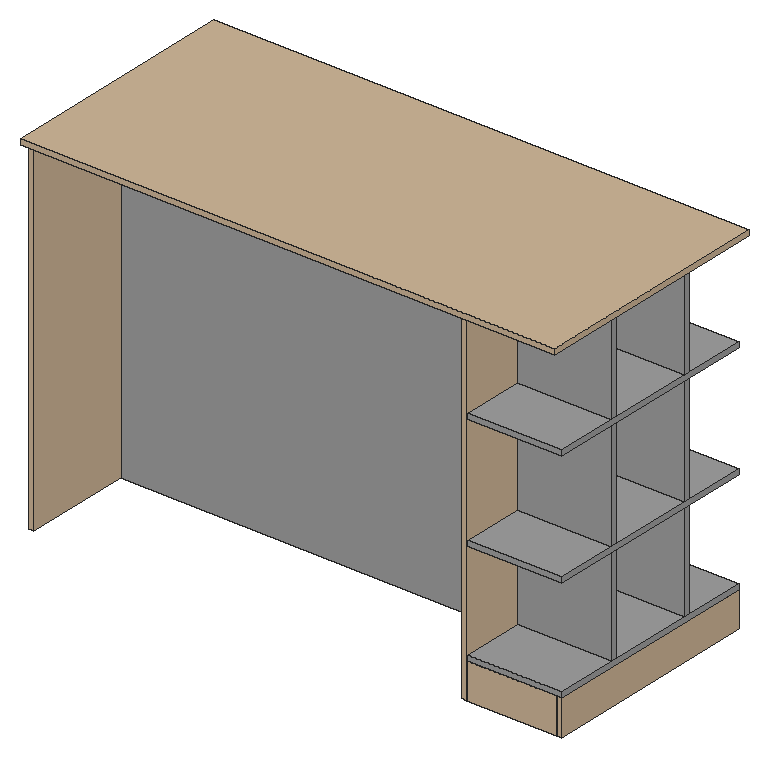
Revit family "155561711_Barra Soho", category Furniture, Revit 2019
Family settings
  OmniClass Number = 23.21.23.39
  OmniClass Title = Residential Kitchen and Dining Room Furniture
  Work Plane-Based = No
  Always vertical = Yes
  Cut with Voids When Loaded = No
  Shared = No
  Room Calculation Point = No
Parameters (values of type "Ref. 155561711 BARRA SOHO")
  URL = "https://corona.co/productos/muebles-para-cocinas/barra-soho/p/155561711"
  Resistencia a la humedad = "Hinchamiento < o =8%."  # constant formula
  Profundidad = 650 mm
  Peso Neto aprox = "67,2 kg."  # constant formula
  Material B = Corona_Madera_Aglomerada_Plomo
  Material A = Corona_Madera_Aglomerada_Miel
  Manufacturer = "Corona"  # constant formula
  Garantía mueble y herrajes = "1 año"  # constant formula
  Dimensiones generales producto (H * W * D) = "1000 x 1500 x 650 mm."  # constant formula
  Description = "La mejor opción para ampliar la cocina e integrarla al\r\nárea socia, práctico mueble que hace juego con la cocina\r\ny alacena SOHO, puede ser utilizada como comedor, además\r\ncuenta con amplios gabinetes y repisas que puedes usar incluso\r\npara elementos de uso cotidiano o decorativos.\r\nEstas dimensiones son nominales y están sujetas a cambios sin previo aviso.\r\nLÍNEA DE ATENCIÓN 01 8000 5120 30\r\nSi usted desea ver nuestra línea completa de productos por favor ingrese a: corona.co\r\nCOMPATIBILIDAD CON ELEMENTOS CORONA\r\nSERVICIO\r\nPOST VENTA\r\nA SUPERIOR\r\nFRONTAL LATERAL\r\n• Fácil de limpiar\r\n• Resistente al rayado y la abrasión\r\n• Espesores de 15mm en estructura y en puertas dándole mayor\r\nfirmeza y robustez."  # constant formula
  Densidad = "15 mms 670 kg./m^3."  # constant formula
  Date Created = "13/07/2020"  # constant formula
  Created by = "IDD"  # constant formula
  Carga Máxima = "62 kg."  # constant formula
  Ancho = 1500 mm
  Alto = 993 mm
Reference planes
  plane 1 "Center (Front/Back)": y = 0
  plane 2: z = 0
  plane 3 "Center (Left/Right)": x = 0
  plane 4: x = -750
  plane 5: x = 750
  plane 6: y = -650
  plane 7: y = -317.5
  plane 8: y = -332.5
  plane 9: z = 100
  plane 10: z = 708
  plane 11: z = 978
  plane 12: z = 723
  plane 13: z = 993
  plane 14: x = -735
  plane 15: y = -15
  plane 16: y = -635
  plane 17: x = 466
  plane 18: x = 481
  plane 19: x = 746.5
  plane 20: y = -189.5
  plane 21: y = -204.5
  plane 22: y = -445.5
  plane 23: y = -460.5
  plane 24: z = 403
  plane 25: z = 388
  plane 26: z = 115
  plane 27: z = 489
  plane 28: x = -331
  plane 29: x = -325
  plane 30: x = 56
  plane 31: z = 593
  plane 32: z = 608
  plane 33: y = -130
  plane 34: x = 731.5
  plane 35 "Center L/S": y = -30
  plane 36: z = 655
  plane 37: y = -45
  plane 38: x = -733
  plane 39: x = 464
  plane 40: x = 60
  plane 41: y = -665
  plane 42 "Center L/T": y = 15
Forms (mm)
  Extrusion 1, solid, material "Corona_Madera_Aglomerada_Miel" <- "Material A", detail levels medium+fine
    sketch origin (0, 0, 0) x (1, 0, 0) y (0, 1, 0)
      loop
        line (-750, 15) -> (-750, -665) -> (750, -665) -> (750, 15) -> (-750, 15)
    from 978 to 993
  Extrusion 2, solid, material "Corona_Madera_Aglomerada_Miel" <- "Material A"
    sketch origin (0, 0, 0) x (1, 0, 0) y (0, 0, 1)
      loop
        line (-750, 978) -> (-750, 0) -> (-735, 0) -> (-735, 978) -> (-750, 978)
    from 15 to 635
  Extrusion 3, solid, material "Corona_Madera_Aglomerada_Miel" <- "Material A", detail levels medium+fine
    sketch origin (0, 0, 0) x (1, 0, 0) y (0, 0, 1)
      loop
        line (481, 978) -> (466, 978) -> (466, 0) -> (481, 0) -> (481, 978)
    from 15 to 635
  Extrusion 4, solid, material "Corona_Madera_Aglomerada_Plomo" <- "Material B", detail levels medium+fine
    sketch origin (0, 0, 0) x (1, 0, 0) y (0, 0, 1)
      loop
        line (481, 723) -> (481, 708) -> (746.5, 708) -> (746.5, 723) -> (481, 723)
    from 15 to 635
  Extrusion 5, solid, material "Corona_Madera_Aglomerada_Plomo" <- "Material B", detail levels medium+fine
    sketch origin (0, 0, -320) x (1, 0, 0) y (0, 0, 1)
      loop
        line (481, 723) -> (481, 708) -> (746.5, 708) -> (746.5, 723) -> (481, 723)
    from 15 to 635
  Extrusion 6, solid, material "Corona_Madera_Aglomerada_Plomo" <- "Material B", detail levels medium+fine
    sketch origin (0, 0, -608) x (1, 0, 0) y (0, 0, 1)
      loop
        line (481, 723) -> (481, 708) -> (746.5, 708) -> (746.5, 723) -> (481, 723)
    from 15 to 635
  Extrusion 7, solid, material "Corona_Madera_Aglomerada_Plomo" <- "Material B", detail levels medium+fine
    sketch origin (0, 0, 0) x (0, 1, 0) y (0, 0, 1)
      loop
        line (-189.5, 978) -> (-204.5, 978) -> (-204.5, 723) -> (-189.5, 723) -> (-189.5, 978)
    from 481 to 746.5
  Extrusion 8, solid, material "Corona_Madera_Aglomerada_Plomo" <- "Material B", detail levels medium+fine
    sketch origin (0, 0, 0) x (0, 1, 0) y (0, 0, 1)
      loop
        line (-445.5, 978) -> (-460.5, 978) -> (-460.5, 723) -> (-445.5, 723) -> (-445.5, 978)
    from 481 to 746.5
  Extrusion 9, solid, material "Corona_Madera_Aglomerada_Plomo" <- "Material B", detail levels medium+fine
    sketch origin (0, 0, -270) x (0, 1, 0) y (0, 0, 1)
      loop
        line (-189.5, 978) -> (-204.5, 978) -> (-204.5, 673) -> (-189.5, 673) -> (-189.5, 978)
    from 481 to 746.5
  Extrusion 10, solid, material "Corona_Madera_Aglomerada_Plomo" <- "Material B", detail levels medium+fine
    sketch origin (0, 0, -270) x (0, 1, 0) y (0, 0, 1)
      loop
        line (-445.5, 978) -> (-460.5, 978) -> (-460.5, 673) -> (-445.5, 673) -> (-445.5, 978)
    from 481 to 746.5
  Extrusion 11, solid, material "Corona_Madera_Aglomerada_Plomo" <- "Material B", detail levels medium+fine
    sketch origin (0, 0, -590) x (0, 1, 0) y (0, 0, 1)
      loop
        line (-189.5, 978) -> (-204.5, 978) -> (-204.5, 705) -> (-189.5, 705) -> (-189.5, 978)
    from 481 to 746.5
  Extrusion 12, solid, material "Corona_Madera_Aglomerada_Plomo" <- "Material B", detail levels medium+fine
    sketch origin (0, 0, -590) x (0, 1, 0) y (0, 0, 1)
      loop
        line (-445.5, 978) -> (-460.5, 978) -> (-460.5, 705) -> (-445.5, 705) -> (-445.5, 978)
    from 481 to 746.5
  Extrusion 13, solid, material "Corona_Madera_Aglomerada_Miel" <- "Material A", detail levels medium+fine
    sketch origin (0, 0, -623) x (1, 0, 0) y (0, 0, 1)
      loop
        line (-735, 738) -> (-735, 723) -> (466, 723) -> (466, 738) -> (-735, 738)
    from 15 to 317.5
  Extrusion 14, solid, material "Corona_Madera_Aglomerada_Miel" <- "Material A", detail levels medium+fine
    sketch origin (0, 0, -335) x (1, 0, 0) y (0, 0, 1)
      loop
        line (-735, 738) -> (-735, 723) -> (0, 723) -> (0, 738) -> (-735, 738)
    from 30 to 317.5
  Extrusion 15, solid, material "Corona_Madera_Aglomerada_Plomo" <- "Material B", detail levels medium+fine
    sketch origin (0, 0, 0) x (0, 1, 0) y (0, 0, 1)
      loop
        line (-30, 608) -> (-130, 608) -> (-130, 593) -> (-30, 593) -> (-30, 608)
    from -735 to 466
  Extrusion 16, solid, material "Corona_Madera_Aglomerada_Plomo" <- "Material B", detail levels medium+fine
    sketch origin (0, -12.5, 115) x (0, 1, 0) y (0, 0, 1)
      loop
        line (-2.5, 608) -> (-305, 608) -> (-305, 593) -> (-2.5, 593) -> (-2.5, 608)
    from -735 to 466
  Extrusion 17, solid, material "Corona_Madera_Aglomerada_Plomo" <- "Material B", detail levels medium+fine
    sketch origin (0, 0, 0) x (0, 1, 0) y (0, 0, 1)
      loop
        line (-317.5, 978) -> (-332.5, 978) -> (-332.5, 0) -> (-317.5, 0) -> (-317.5, 978)
    from -735 to 466
  Extrusion 18, solid, material "Corona_Madera_Aglomerada_Miel" <- "Material A", detail levels medium+fine
    sketch origin (0, 0, 0) x (1, 0, 0) y (0, 0, 1)
      loop
        line (481, 100) -> (481, 0) -> (731.5, 0) -> (731.5, 100) -> (481, 100)
    from 15 to 30
  Extrusion 19, solid, material "Corona_Madera_Aglomerada_Miel" <- "Material A", detail levels medium+fine
    sketch origin (0, -605, 0) x (1, 0, 0) y (0, 0, 1)
      loop
        line (481, 100) -> (481, 0) -> (731.5, 0) -> (731.5, 100) -> (481, 100)
    from 15 to 30
  Extrusion 20, solid, material "Corona_Madera_Aglomerada_Miel" <- "Material A", detail levels medium+fine
    sketch origin (0, 0, 0) x (0, 1, 0) y (0, 0, 1)
      loop
        line (-15, 100) -> (-635, 100) -> (-635, 0) -> (-15, 0) -> (-15, 100)
    from 731.5 to 746.5
  Extrusion 21, solid, material "Corona_Madera_Aglomerada_Miel" <- "Material A", detail levels medium+fine
    sketch origin (0, 0, 115) x (1, 0, 0) y (0, 0, 1)
      loop
        line (60, 540) -> (60, 0) -> (466, 0) -> (466, 540) -> (60, 540)
    from 15 to 30
  Extrusion 22, solid, material "Corona_Madera_Aglomerada_Miel" <- "Material A", detail levels medium+fine
    sketch origin (-410, 0, 115) x (1, 0, 0) y (0, 0, 1)
      loop
        line (85, 540) -> (85, 0) -> (466, 0) -> (466, 540) -> (85, 540)
    from 15 to 30
  Extrusion 23, solid, material "Corona_Madera_Aglomerada_Miel" <- "Material A", detail levels medium+fine
    sketch origin (-820, 0, 115) x (1, 0, 0) y (0, 0, 1)
      loop
        line (85, 540) -> (85, 0) -> (489, 0) -> (489, 540) -> (85, 540)
    from 15 to 30
  Extrusion 24, solid, material "Corona_Madera_Aglomerada_Plomo" <- "Material B", detail levels medium+fine
    sketch origin (0, -638, 545.3) x (0, 0, -1) y (0, 1, 0)
      loop
        line (-62.7, 608) -> (-162.7, 608) -> (-162.7, 593) -> (-62.7, 593) -> (-62.7, 608)
    from -735 to 466
  Extrusion 25, solid, material "Corona_Madera_Aglomerada_Miel" <- "Material A", detail levels medium+fine
    sketch origin (0, -25, 0) x (1, 0, 0) y (0, 0, 1)
      loop
        line (-735, 100) -> (-735, 0) -> (466, 0) -> (466, 100) -> (-735, 100)
    from 5 to 20
  Extrusion 26, solid, material "Corona_Madera_Aglomerada_Miel" <- "Material A", detail levels medium+fine
    sketch origin (0, 0, 0) x (1, 0, 0) y (0, 0, 1)
      loop
        line (64.778, 100) -> (49.778, 100) -> (49.778, 0) -> (64.778, 0) -> (64.778, 100)
    from 45 to 317.5
  Extrusion 27, solid, material "Corona_Madera_Aglomerada_Miel" <- "Material A", detail levels medium+fine
    sketch origin (-355, 0, 0) x (1, 0, 0) y (0, 0, 1)
      loop
        line (64.778, 100) -> (49.778, 100) -> (49.778, 0) -> (64.778, 0) -> (64.778, 100)
    from 45 to 317.5
  Extrusion 28, solid, material "Corona_Madera_Aglomerada_Miel" <- "Material A", detail levels coarse
    sketch origin (0, 0, 0) x (1, 0, 0) y (0, 1, 0)
      loop
        line (-750, 0) -> (-750, -650) -> (750, -650) -> (750, 0) -> (-750, 0)
    from 0 to 993
Dimensions and locks
  equal spacing: plane 4, plane 3 "Center (Left/Right)", plane 5
  "Ancho": plane 4 to plane 5
  "Profundidad": plane 1 "Center (Front/Back)" to plane 6
  plane 8 to plane 6 = 317.5 mm
  plane 1 "Center (Front/Back)" to plane 7 = 317.5 mm
  plane 9 to plane 2 = 100 mm  (x2)
  plane 10 to plane 9 = 608 mm
  plane 11 to plane 12 = 255 mm  (x2)
  "Alto": plane 13 to plane 2
  plane 5 to plane 4 = 1500 mm
  plane 17 to plane 14 = 1201 mm
  plane 19 to plane 18 = 265.5 mm
  plane 14 to plane 4 = 15 mm
  plane 18 to plane 17 = 15 mm
  plane 42 "Center L/T" to plane 1 "Center (Front/Back)" = 15 mm
  plane 1 "Center (Front/Back)" to plane 6 = 650 mm
  plane 6 to plane 41 = 15 mm
  plane 15 to plane 20 = 174.5 mm
  plane 21 to plane 22 = 241 mm
  plane 23 to plane 16 = 174.5 mm
  plane 10 to plane 24 = 305 mm
  plane 25 to plane 26 = 273 mm
  plane 11 to plane 27 to plane 2 = 489 mm, 489 mm
  plane 28 to Extrusion 2 = 404 mm
  plane 30 to plane 29 = 381 mm
  plane 31 to plane 26 = 478 mm
  plane 10 to plane 32 = 100 mm
  plane 35 "Center L/S" to plane 33 = 100 mm
  plane 10 to Extrusion 16 = 15 mm
  Extrusion 18 to Extrusion 25 = 100 mm
  plane 39 to plane 40 = 404 mm
  aligned and locked: level to plane 2
  aligned and locked: Extrusion 1 sketch curve to plane 5
  aligned and locked: plane 4 to Extrusion 1 sketch curve
  aligned and locked: Extrusion 2 sketch curve to plane 11
  aligned and locked: Extrusion 2 sketch curve to plane 14
  aligned and locked: plane 4 to Extrusion 2 sketch curve
  aligned and locked: Extrusion 2 to plane 16
  aligned and locked: Extrusion 2 to plane 15
  aligned and locked: Extrusion 2 to level
  aligned and locked: Extrusion 3 sketch curve to level
  aligned and locked: Extrusion 3 sketch curve to plane 17
  aligned and locked: plane 18 to Extrusion 3 sketch curve
  aligned and locked: Extrusion 3 to Extrusion 2  (x2)
  aligned and locked: Extrusion 4 sketch curve to plane 12
  aligned and locked: plane 10 to Extrusion 4 sketch curve
  aligned and locked: Extrusion 4 sketch curve to plane 19
  aligned and locked: Extrusion 3 to Extrusion 4 sketch curve
  aligned and locked: Extrusion 2 to Extrusion 4  (x2)
  aligned and locked: Extrusion 5 to plane 25
  aligned and locked: plane 24 to Extrusion 5
  aligned and locked: Extrusion 2 to Extrusion 5  (x2)
  aligned and locked: Extrusion 6 to plane 9
  aligned and locked: plane 26 to Extrusion 6
  aligned and locked: Extrusion 2 to Extrusion 6  (x2)
  aligned and locked: Extrusion 7 sketch curve to Extrusion 2
  aligned and locked: Extrusion 7 sketch curve to plane 21
  aligned and locked: plane 20 to Extrusion 7 sketch curve
  aligned and locked: Extrusion 4 to Extrusion 7 sketch curve
  aligned and locked: Extrusion 8 sketch curve to Extrusion 2
  aligned and locked: Extrusion 8 sketch curve to plane 23
  aligned and locked: plane 22 to Extrusion 8 sketch curve
  aligned and locked: Extrusion 4 to Extrusion 8 sketch curve
  aligned and locked: Extrusion 9 to Extrusion 5
  aligned and locked: Extrusion 10 to Extrusion 5
  aligned and locked: Extrusion 10 to Extrusion 4
  aligned and locked: Extrusion 9 to Extrusion 4
  aligned and locked: Extrusion 10 to plane 22
  aligned and locked: plane 23 to Extrusion 10
  aligned and locked: Extrusion 9 to plane 20
  aligned and locked: plane 21 to Extrusion 9
  aligned and locked: Extrusion 11 to plane 20
  aligned and locked: plane 21 to Extrusion 11
  aligned and locked: Extrusion 11 to Extrusion 6
  aligned and locked: Extrusion 11 to Extrusion 5
  aligned and locked: Extrusion 12 to Extrusion 5
  aligned and locked: Extrusion 12 to plane 22
  aligned and locked: plane 23 to Extrusion 12
  aligned and locked: Extrusion 12 to Extrusion 6
  aligned and locked: plane 19 to Extrusion 8
  aligned and locked: Extrusion 8 to plane 18
  aligned and locked: plane 19 to Extrusion 7
  aligned and locked: Extrusion 7 to plane 18
  aligned and locked: plane 19 to Extrusion 10
  aligned and locked: plane 19 to Extrusion 9
  aligned and locked: Extrusion 10 to plane 18
  aligned and locked: Extrusion 9 to plane 18
  aligned and locked: plane 19 to Extrusion 12
  aligned and locked: plane 19 to Extrusion 11
  aligned and locked: Extrusion 12 to plane 18
  aligned and locked: Extrusion 11 to plane 18
  aligned and locked: Extrusion 2 to Extrusion 13
  aligned and locked: plane 26 to Extrusion 13
  aligned and locked: Extrusion 13 to plane 9
  aligned and locked: Extrusion 13 to plane 14
  aligned and locked: plane 17 to Extrusion 13
  aligned and locked: Extrusion 13 to plane 7
  aligned and locked: Extrusion 14 to plane 7
  aligned and locked: Extrusion 14 to plane 25
  aligned and locked: plane 24 to Extrusion 14
  aligned and locked: Extrusion 14 to plane 14
  aligned and locked: plane 3 "Center (Left/Right)" to Extrusion 14
  aligned and locked: Extrusion 15 sketch curve to plane 32
  aligned and locked: plane 31 to Extrusion 15 sketch curve
  aligned and locked: Extrusion 16 to plane 10
  aligned and locked: plane 12 to Extrusion 16
  aligned and locked: plane 17 to Extrusion 16
  aligned and locked: Extrusion 16 to plane 14
  aligned and locked: Extrusion 17 sketch curve to Extrusion 2
  aligned and locked: plane 8 to Extrusion 17 sketch curve
  aligned and locked: Extrusion 17 sketch curve to plane 7
  aligned and locked: Extrusion 6 to Extrusion 18 sketch curve
  aligned and locked: level to Extrusion 18 sketch curve
  aligned and locked: Extrusion 18 sketch curve to Extrusion 3
  aligned and locked: Extrusion 19 to Extrusion 2
  aligned and locked: Extrusion 13 to Extrusion 20 sketch curve
  aligned and locked: Extrusion 20 sketch curve to Extrusion 2  (x2)
  aligned and locked: plane 15 to Extrusion 20 sketch curve
  aligned and locked: plane 19 to Extrusion 20
  aligned and locked: Extrusion 20 to plane 34
  aligned and locked: Extrusion 19 to Extrusion 20
  aligned and locked: Extrusion 18 to Extrusion 19
  aligned and locked: Extrusion 17 to level
  aligned and locked: plane 35 "Center L/S" to Extrusion 15
  aligned and locked: plane 35 "Center L/S" to Extrusion 14
  aligned and locked: Extrusion 2 to Extrusion 16
  aligned and locked: Extrusion 21 to plane 26
  aligned and locked: plane 17 to Extrusion 21
  aligned and locked: plane 30 to Extrusion 22
  aligned and locked: Extrusion 22 to plane 29
  aligned and locked: plane 14 to Extrusion 2
  aligned and locked: plane 28 to Extrusion 23
  aligned and locked: plane 36 to Extrusion 23
  aligned and locked: Extrusion 22 to Extrusion 23
  aligned and locked: Extrusion 21 to Extrusion 22
  aligned and locked: Extrusion 25 to Extrusion 18
  aligned and locked: plane 37 to Extrusion 25
  aligned and locked: Extrusion 25 to plane 14
  aligned and locked: plane 17 to Extrusion 25
  aligned and locked: Extrusion 21 to plane 40
  aligned and locked: Extrusion 16 to plane 7
  aligned and locked: Extrusion 28 to Extrusion 2
  aligned and locked: Extrusion 1 to plane 42 "Center L/T"
  aligned and locked: Extrusion 1 to plane 41
  aligned and locked: Extrusion 23 to Extrusion 14
  aligned and locked: Extrusion 2 to Extrusion 23
  aligned and locked: Extrusion 22 to Extrusion 14
  aligned and locked: Extrusion 2 to Extrusion 22
  aligned and locked: Extrusion 21 to Extrusion 14
  aligned and locked: Extrusion 2 to Extrusion 21
Automatic sketch dimensions
  Extrusion 2 sketch curve to level = 0 mm
  Extrusion 5 sketch curve to plane 18 = 0 mm
  Extrusion 5 sketch curve to plane 19 = 0 mm
  Extrusion 5 sketch curve to plane 25 = 0 mm
  Extrusion 5 sketch curve to plane 24 = 0 mm
  Extrusion 6 sketch curve to plane 9 = 0 mm
  Extrusion 6 sketch curve to plane 18 = 0 mm
  Extrusion 6 sketch curve to plane 19 = 0 mm
  Extrusion 6 sketch curve to plane 26 = 0 mm
  Extrusion 9 sketch curve to plane 10 = 0 mm
  Extrusion 9 sketch curve to plane 21 = 0 mm
  Extrusion 9 sketch curve to plane 20 = 0 mm
  Extrusion 9 sketch curve to plane 24 = 0 mm
  Extrusion 10 sketch curve to plane 10 = 0 mm
  Extrusion 10 sketch curve to plane 23 = 0 mm
  Extrusion 10 sketch curve to plane 22 = 0 mm
  Extrusion 10 sketch curve to plane 24 = 0 mm
  Extrusion 11 sketch curve to plane 21 = 0 mm
  Extrusion 11 sketch curve to plane 20 = 0 mm
  Extrusion 11 sketch curve to plane 26 = 0 mm
  Extrusion 11 sketch curve to plane 25 = 0 mm
  Extrusion 12 sketch curve to plane 23 = 0 mm
  Extrusion 12 sketch curve to plane 22 = 0 mm
  Extrusion 12 sketch curve to plane 26 = 0 mm
  Extrusion 12 sketch curve to plane 25 = 0 mm
  Extrusion 13 sketch curve to plane 9 = 0 mm
  Extrusion 13 sketch curve to plane 14 = 0 mm
  Extrusion 13 sketch curve to plane 17 = 0 mm
  Extrusion 13 sketch curve to plane 26 = 0 mm
  Extrusion 14 sketch curve to plane 14 = 0 mm
  Extrusion 14 sketch curve to plane 3 "Center (Left/Right)" = 0 mm
  Extrusion 14 sketch curve to plane 25 = 0 mm
  Extrusion 14 sketch curve to plane 24 = 0 mm
  Extrusion 15 sketch curve to plane 33 = 0 mm
  Extrusion 15 sketch curve to plane 35 "Center L/S" = 0 mm
  Extrusion 16 sketch curve to plane 12 = 0 mm
  Extrusion 16 sketch curve to plane 10 = 0 mm
  Extrusion 16 sketch curve to plane 15 = 0 mm
  plane 8 to Extrusion 16 sketch curve = 15 mm
  Extrusion 17 sketch curve to level = 0 mm
  Extrusion 18 sketch curve to plane 34 = 0 mm
  Extrusion 19 sketch curve to level = 0 mm
  Extrusion 19 sketch curve to plane 18 = 0 mm
  Extrusion 19 sketch curve to plane 34 = 0 mm
  Extrusion 19 sketch curve to plane 9 = 0 mm
  Extrusion 21 sketch curve to plane 26 = 0 mm
  Extrusion 21 sketch curve to plane 40 = 0 mm
  Extrusion 21 sketch curve to plane 17 = 0 mm
  Extrusion 21 sketch curve to plane 36 = 0 mm
  Extrusion 22 sketch curve to plane 26 = 0 mm
  Extrusion 22 sketch curve to plane 29 = 0 mm
  Extrusion 22 sketch curve to plane 30 = 0 mm
  Extrusion 22 sketch curve to plane 36 = 0 mm
  Extrusion 23 sketch curve to plane 14 = 0 mm
  Extrusion 23 sketch curve to plane 26 = 0 mm
  Extrusion 23 sketch curve to plane 28 = 0 mm
  Extrusion 23 sketch curve to plane 36 = 0 mm
  Extrusion 24 sketch curve to plane 10 = 0 mm
  Extrusion 24 sketch curve to plane 32 = 0 mm
  plane 37 to Extrusion 24 sketch curve = 0 mm
  Extrusion 24 sketch curve to plane 37 = 15 mm
  Extrusion 25 sketch curve to level = 0 mm
  Extrusion 25 sketch curve to plane 14 = 0 mm
  Extrusion 25 sketch curve to plane 17 = 0 mm
  Extrusion 25 sketch curve to plane 9 = 0 mm
  Extrusion 26 sketch curve to plane 9 = 0 mm
  Extrusion 26 sketch curve to level = 0 mm
  Extrusion 26 sketch curve to plane 30 = 6.222 mm
  plane 40 to Extrusion 26 sketch curve = 4.778 mm
  Extrusion 27 sketch curve to plane 9 = 0 mm
  Extrusion 27 sketch curve to level = 0 mm
  plane 29 to Extrusion 27 sketch curve = 19.778 mm
  Extrusion 27 sketch curve to Extrusion 27 sketch curve = 15 mm
  Extrusion 28 sketch curve to plane 4 = 0 mm
  Extrusion 28 sketch curve to plane 5 = 0 mm
  Extrusion 28 sketch curve to plane 6 = 0 mm
  plane 1 "Center (Front/Back)" to Extrusion 28 sketch curve = 0 mm
  Extrusion 3 sketch curve to plane 11 = 0 mm
  Extrusion 1 sketch curve to plane 41 = 0 mm
  Extrusion 1 sketch curve to plane 1 "Center (Front/Back)" = 15 mm
Nested families
  nested 1: "Family10" at (0, -650, 0), type "Family10"
  nested 2: "Family11" at (0, 0, 0) x (1, 0, 0) z (0, -1, 0), type "Family11"
  nested 3: "Family12" at (0, -325, 0) x (0, -1, 0) z (1, 0, 0), type "Family12"
Definition of nested family "Family10"
  Reference planes
    plane 1 "Center (Front/Back)": y = 0
    plane 2: z = 0
    plane 3 "Center (Left/Right)": x = 0
  Lines and regions (mm)
    detail lines, in view "Ref. Level"
      curve 1: line (-750, 0, 0) -> (750, 0, 0)
      curve 2: line (750, 0, 0) -> (750, 650, 0)
      curve 3: line (750, 650, 0) -> (-750, 650, 0)
      curve 4: line (-750, 650, 0) -> (-750, 0, 0)
      curve 5: line (-735, 317.5, 0) -> (469.5, 317.5, 0)
      curve 6: line (-735, 332.5, 0) -> (469.5, 332.5, 0)
      curve 7: line (-735, 650, 0) -> (-735, 0, 0)
      curve 8: line (484.5, 15, 0) -> (484.5, 650, 0)
      curve 9: line (469.5, 15, 0) -> (469.5, 650, 0)
      curve 10: line (469.5, 15, 0) -> (484.5, 15, 0)
      curve 11: line (484.5, 650, 0) -> (469.5, 650, 0)
      curve 12: line (484.5, 204.5, 0) -> (735, 204.5, 0)
      curve 13: line (484.5, 445.5, 0) -> (735, 445.5, 0)
      curve 14: line (484.5, 460.5, 0) -> (735, 460.5, 0)
      curve 15: line (484.5, 189.5, 0) -> (735, 189.5, 0)
      curve 16: line (735, 460.5, 0) -> (735, 445.5, 0)
      curve 17: line (735, 204.5, 0) -> (735, 189.5, 0)
      curve 18: line (68.3, 332.5, 0) -> (68.3, 635, 0)
      curve 19: line (53.3, 332.5, 0) -> (53.3, 635, 0)
      curve 20: line (469.5, 635, 0) -> (-735, 635, 0)
      curve 21: line (-286.7, 332.5, 0) -> (-286.7, 635, 0)
      curve 22: line (-301.7, 332.5, 0) -> (-301.7, 635, 0)
      curve 23: line (469.5, 550, 0) -> (-735, 550, 0)
      curve 24: line (469.5, 594.8, 0) -> (-735, 594.8, 0)
Definition of nested family "Family11"
  Reference planes
    plane 1 "Center (Front/Back)": y = 0
    plane 2: z = 0
    plane 3 "Center (Left/Right)": x = 0
  Lines and regions (mm)
    detail lines, in view "Ref. Level"
      curve 1: line (-750, 993, 0) -> (750, 993, 0)
      curve 2: line (750, 993, 0) -> (750, 978, 0)
      curve 3: line (746.5, 0, 0) -> (-750, 0, 0)
      curve 4: line (-750, 0, 0) -> (-750, 993, 0)
      curve 5: line (-750, 978, 0) -> (750, 978, 0)
      curve 6: line (481, 993, 0) -> (481, 0, 0)
      curve 7: line (466, 993, 0) -> (466, 0, 0)
      curve 8: line (-735, 993, 0) -> (-735, 0, 0)
      curve 9: line (746.5, 978, 0) -> (746.5, 0, 0)
      curve 10: line (466, 100, 0) -> (-750, 100, 0)
      curve 11: line (466, 115, 0) -> (-735, 115, 0)
      curve 12: line (481, 100, 0) -> (746.5, 100, 0)
      curve 13: line (481, 115, 0) -> (746.5, 115, 0)
      curve 14: line (731.5, 100, 0) -> (731.5, 0, 0)
      curve 15: line (-735, 723, 0) -> (466, 723, 0)
      curve 16: line (-735, 708, 0) -> (466, 708, 0)
      curve 17: line (481, 723, 0) -> (750, 723, 0)
      curve 18: line (481, 708, 0) -> (750, 708, 0)
      curve 19: line (481, 403, 0) -> (746.5, 403, 0)
      curve 20: line (481, 388, 0) -> (746.5, 388, 0)
      curve 21: line (-735, 388, 0) -> (50, 388, 0)
      curve 22: line (-735, 403, 0) -> (50, 403, 0)
      curve 23: line (50, 388, 0) -> (50, 403, 0)
      curve 24: line (466, 593, 0) -> (-735, 593, 0)
      curve 25: line (466, 608, 0) -> (-735, 608, 0)
      curve 26: line (466, 489, 0) -> (-750, 489, 0)
      curve 27: line (466, 655, 0) -> (-735, 655, 0)
      curve 28: line (-331, 655, 0) -> (-331, 100, 0)
      curve 29: line (55.909, 655, 0) -> (55.909, 115, 0)
      curve 30: line (49.8, 100, 0) -> (49.8, 0, 0)
      curve 31: line (64.8, 100, 0) -> (64.8, 0, 0)
      curve 32: line (-305.2, 100, 0) -> (-305.2, 0, 0)
      curve 33: line (-290.2, 100, 0) -> (-290.2, 0, 0)
Definition of nested family "Family12"
  Reference planes
    plane 1 "Center (Front/Back)": y = 0
    plane 2: z = 0
    plane 3 "Center (Left/Right)": x = 0
  Lines and regions (mm)
    detail lines, in view "Ref. Level"
      curve 1: line (325, 0, 0) -> (325, 489, 0)
      curve 2: line (325, 489, 0) -> (325, 978, 0)
      curve 3: line (340, 978, 0) -> (340, 993, 0)
      curve 4: line (340, 993, 0) -> (325, 993, 0)
      curve 5: line (325, 993, 0) -> (-325, 993, 0)
      curve 6: line (-325, 993, 0) -> (-340, 993, 0)
      curve 7: line (-340, 993, 0) -> (-340, 978, 0)
      curve 8: line (-340, 978, 0) -> (340, 978, 0)
      curve 9: line (-325, 0, 0) -> (-325, 489, 0)
      curve 10: line (-325, 489, 0) -> (-325, 978, 0)
      curve 11: line (310, 0, 0) -> (295, 0, 0)
      curve 12: line (295, 0, 0) -> (295, 100, 0)
      curve 13: line (-280, 0, 0) -> (-295, 0, 0)
      curve 14: line (-310, 115, 0) -> (-310, 655, 0)
      curve 15: line (7.5, 0, 0) -> (7.5, 978, 0)
      curve 16: line (-7.5, 0, 0) -> (-7.5, 978, 0)
      curve 17: line (-325, 100, 0) -> (325, 100, 0)
      curve 18: line (-325, 115, 0) -> (325, 115, 0)
      curve 19: line (-295, 593, 0) -> (-195, 593, 0)
      curve 20: line (-295, 608, 0) -> (-195, 608, 0)
      curve 21: line (-295, 388, 0) -> (325, 388, 0)
      curve 22: line (-295, 403, 0) -> (325, 403, 0)
      curve 23: line (-325, 708, 0) -> (325, 708, 0)
      curve 24: line (-325, 723, 0) -> (325, 723, 0)
      curve 25: line (-195, 608, 0) -> (-195, 593, 0)
      curve 26: line (-135.5, 723, 0) -> (-135.5, 978, 0)
      curve 27: line (-120.5, 723, 0) -> (-120.5, 978, 0)
      curve 28: line (135.5, 723, 0) -> (135.5, 978, 0)
      curve 29: line (120.5, 723, 0) -> (120.5, 978, 0)
      curve 30: line (-135.5, 403, 0) -> (-135.5, 708, 0)
      curve 31: line (-120.5, 403, 0) -> (-120.5, 708, 0)
      curve 32: line (135.5, 403, 0) -> (135.5, 708, 0)
      curve 33: line (120.5, 403, 0) -> (120.5, 708, 0)
      curve 34: line (-135.5, 115, 0) -> (-135.5, 388, 0)
      curve 35: line (-120.5, 115, 0) -> (-120.5, 388, 0)
      curve 36: line (135.5, 115, 0) -> (135.5, 388, 0)
      curve 37: line (120.5, 115, 0) -> (120.5, 388, 0)
      curve 38: line (-280, 608, 0) -> (-280, 708, 0)
      curve 39: line (-265, 608, 0) -> (-265, 708, 0)
      curve 40: line (-280, 0, 0) -> (-280, 115, 0)
      curve 41: line (-7.5, 0, 0) -> (7.5, 0, 0)
      curve 42: line (310, 0, 0) -> (310, 100, 0)
      curve 43: line (-325, 0, 0) -> (325, 0, 0)
      curve 44: line (-310, 655, 0) -> (-295, 655, 0)
      curve 45: line (-295, 655, 0) -> (-295, 0, 0)
